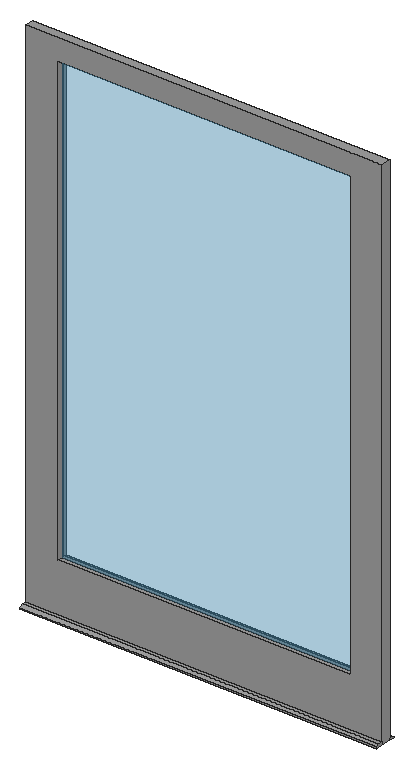
Revit family "ArmorOne-Entrance-ButtHinge-Single_Eng", category Curtain Panels, Revit 2017
Family settings
  OmniClass Number = 23.25.20.14.11.11.17
  OmniClass Title = Infill Panels
  Always vertical = Yes
  Cut with Voids When Loaded = No
  Shared = No
Parameters
  Width [instance] = 5' - 6"
  Wide Stile Entrance [instance] = not(Medium Stile Entrance)  # yes
  URL = "obe.com"
  Offset [instance] = 0' - 0"
  Model = "AO DOOR"
  Medium Stile Entrance [instance] = no
  Manufacturer = "Oldcastle BuildingEnvelope®"
  Keynote = "08 11 00"
  Height [instance] = 8' - 0"
  Glass Material = Glass
  Frame Material = Aluminum
  Door Panel Height [instance] = Height + 0' 0 17/32"  # 8' - 0 17/32"
  Description = "ArmorOne Medium/Wide Stile Entrance  - 7/16\" Infill"
  Assembly Code = "B2030"
  Analytic Construction = "<None>"
  8 Bottom Rail [instance] = yes
  10 Bottom Rail [instance] = not([8 Bottom Rail])  # no
Reference planes (in)
  plane 1 "Front": y = 0
  plane 2: z = 0
  plane 3 "Center (Left/Right)": x = 0
  plane 4 "Left": x = -33
  plane 5 "Right": x = 33
  plane 6 "Top": z = 96
Text (in)
  text "Exterior" at (-54.29358, 31.38743, 0), in view "Ref. Level"
  text "Exterior" at (480, 41.53993, 89.60405), in view "Right"
  text "Exterior" at (-240, 57.82419, 105.78864), in view "Left"
Dimensions and locks (in)
  equal spacing: plane 4 "Left", plane 3 "Center (Left/Right)", plane 5 "Right"
  "Width": plane 4 "Left" to plane 5 "Right"
  "Height": plane 6 "Top" to plane 2
  aligned and locked: level to plane 2
  aligned and locked: plane 3 "Center (Left/Right)" to nested 1
  aligned and locked: plane 1 "Front" to nested 1
Nested families (in)
  nested 1: "Single Door-Panel" at (0, -14, 0), Width <- "Width", Height <- "Door Panel Height", Medium Stile Entrance <- "Medium Stile Entrance", 8 Bottom Rail <- "8 Bottom Rail", Offset <- "Offset", Glass Material <- "Glass Material", Frame Material <- "Frame Material", type "Single Door-Panel"
    with built-in parameter 1001301 5' - 6", Wide Stile Entrance yes, Offset 0' - 0", Medium Stile Entrance no, built-in parameter 1001300 8' - 0 17/32", Glass Material Glass, Frame Material Aluminum, Edge of glass - Right 0' - 5 5/16", Edge of door panel 0' - 6 3/32", Bottom Rail 0' - 8 59/64", 8 Bottom Rail yes, 10 Bottom Rail no
Definition of nested family "Single Door-Panel"
  Parameters (values of type "Single Door-Panel")
    Width [instance] = 3' - 0"
    Wide Stile Entrance [instance] = not(Medium Stile Entrance)  # no
    URL = "obe.com"
    Offset [instance] = 0' - 5"
    Model = "MS-375 DOOR"
    Medium Stile Entrance [instance] = yes
    Manufacturer = "Oldcastle BuildingEnvelope®"
    Keynote = "08 11 00"
    Height [instance] = 7' - 0"
    Glass Material [instance] = none
    Frame Material [instance] = none
    Edge of glass - Right [instance] = 0' - 5 5/16"
    Edge of door panel [instance] = if(Medium Stile Entrance, 0' 4 27/32", if(Wide Stile Entrance, 0' 6 3/32", 0' 4 27/32"))  # 0' - 4 27/32"
    Description = "MS-375 - 1\" Door Infill"
    Bottom Rail [instance] = if([10 Bottom Rail], 0' 10 59/64", 0' 8 59/64")  # 0' - 10 59/64"
    Assembly Code = "B2030"
    Analytic Construction = "<None>"
    8 Bottom Rail [instance] = no
    10 Bottom Rail [instance] = not([8 Bottom Rail])  # yes
  Reference planes (in)
    plane 1 "00": y = 8.203
    plane 2: z = 0
    plane 3 "Center (Left/Right)": x = 0
    plane 4: z = 84
    plane 5: x = 18
    plane 6: x = -18
    plane 7 "Center (Front/Back)": y = 14
    plane 8 "Exterior": y = 8.703
    plane 9: z = 42
    plane 10: z = 80.125
    plane 11: z = 10.92187
    plane 12 "Offset": y = 9
  Forms (in)
    Sweep 1, solid, material <- "Frame Material"
      path origin (0, 8.203, 0) x (1, 0, 0) y (0, 0, 1)
        loop
          line (-17.90532, 84) -> (17.90625, 84)
      profile origin (0.00046, 8.203, 84) x (0, 0, 1) y (0, -1, 0)
        loop
          line (-0.625, -0.672) -> (-0.625, 1.078) -> (-2.62093, 1.078) -> (-4.46825, 1.078) -> (-4.46825, 0.21484) -> (-3.875, 0.21484) -> (-3.875, -0.21484) -> (-4.65625, -0.21484) -> (-4.65625, -0.672) -> (-2.62093, -0.672) -> (-0.625, -0.672)
    Sweep 2, solid, material <- "Frame Material"
      path origin (0, 8.203, 0) x (1, 0, 0) y (0, 0, 1)
        loop
          line (17.90625, 0) -> (-17.90532, 0)
      profile origin (0.00046, 8.203, 0) x (0, 0, -1) y (0, -1, 0)
        loop
          line (-11.68749, -0.21484) -> (-11.68749, -0.672) -> (-0.5, -0.672) -> (-0.5, -0.952) -> (-0.19364, -1.609) -> (-0.00001, -1.609) -> (-0.00001, 2.391) -> (-0.19364, 2.391) -> (-0.5, 1.734) -> (-0.5, 1.078) -> (-11.49949, 1.078) -> (-11.49949, 0.21484) -> (-10.92187, 0.21484) -> (-10.92187, -0.21484) -> (-11.68749, -0.21484)
    Sweep 3, solid, material <- "Frame Material"
      path origin (0, 8.203, 0) x (1, 0, 0) y (0, 0, 1)
        loop
          line (18, 83.375) -> (18, 0)
      profile origin (18, 8.203, 41.6875) x (0, -1, 0) y (1, 0, 0)
        loop
          line (-0.672, -0.09375) -> (-0.672, -2.21468) -> (-0.672, -4.84375) -> (-0.21484, -4.84375) -> (-0.21484, -4.0625) -> (0.21484, -4.0625) -> (0.21484, -4.65574) -> (1.078, -4.65574) -> (1.078, -2.21468) -> (1.078, -0.20275) -> (-0.672, -0.09375)
    Sweep 4, solid, material <- "Frame Material"
      path origin (0, 8.203, 0) x (1, 0, 0) y (0, 0, 1)
        loop
          line (-18, 83.375) -> (-18, 0)
      profile origin (-18, 8.203, 41.6875) x (0, -1, 0) y (1, 0, 0)
        loop
          line (-0.672, 0.09468) -> (1.078, 0.20368) -> (1.078, 2.31376) -> (1.078, 4.75557) -> (0.21484, 4.75557) -> (0.21484, 4.41158) -> (-0.21484, 4.41158) -> (-0.21484, 4.84375) -> (-0.672, 4.84375) -> (-0.672, 2.31376) -> (-0.672, 0.09468)
    Extrusion 5, solid, material <- "Glass Material", detail levels coarse
      sketch origin (0, 0, 0) x (1, 0, 0) y (0, 1, 0)
        loop
          line (-13.58842, 8.41784) -> (-13.58842, 7.98816) -> (13.9375, 7.98816) -> (13.9375, 8.41784) -> (-13.58842, 8.41784)
      from 10.92188 to 80.125
    Extrusion 6, solid, material <- "Glass Material", detail levels medium+fine
      sketch origin (0, 0, 0) x (1, 0, 0) y (0, 1, 0)
        loop
          line (13.9375, 8.29284) -> (13.9375, 8.41784) -> (-13.58842, 8.41784) -> (-13.58842, 8.29284) -> (13.9375, 8.29284)
        loop
          line (13.9375, 8.11316) -> (-13.58842, 8.11316) -> (-13.58842, 7.98816) -> (13.9375, 7.98816) -> (13.9375, 8.11316)
      from 10.92188 to 80.125
    Extrusion 7, void
      sketch origin (0, 0, 0) x (1, 0, 0) y (0, 1, 0)
        loop
          line (-18, 7.125) -> (-17.79632, 7.125) -> (-17.95672, 9.7002) -> (-18, 9.7002) -> (-18, 7.125)
      from 0 to 84
    Extrusion 8, void
      sketch origin (0, 0, 0) x (-1, 0, 0) y (0, -1, 0)
        loop
          line (-18, -7.125) -> (-18, -9.7002) -> (-17.95765, -9.7002) -> (-17.79725, -7.125) -> (-18, -7.125)
      from 0 to 84
  Cuts and joins
    Extrusion 7, Extrusion 8 cuts Sweep 1
    Extrusion 7, Extrusion 8 cuts Sweep 2
    joined: Sweep 1, Sweep 2, Sweep 3, Sweep 4
  Lines and regions (in)
    model lines
      curve 1: line (13.68825, 8.703, 80.125) -> (-13.6875, 8.703, 42)
      curve 2: line (-13.6875, 8.703, 42) -> (13.15625, 8.703, 11.20312)
  Dimensions and locks (in)
    "Width": plane 6 to plane 5
    "Offset": plane 12 "Offset" to plane 7 "Center (Front/Back)"
    plane 1 "00" to plane 8 "Exterior" to plane 12 "Offset" = 0' - 0 1/2" locked, 0' - 0.297" locked
    equal spacing: level, plane 9, plane 4
    locked: Sweep 2 sketch curve to plane 6 at 0.09468
    locked: plane 5 to Sweep 2 sketch curve at 0.09375
    locked: Sweep 3 sketch curve to plane 4 at 0.625
    locked: Sweep 4 sketch curve to plane 4 at 0.625
    locked: Sweep 1 sketch curve to plane 6 at 0.09468
    locked: plane 5 to Sweep 1 sketch curve at 0.09375
    Extrusion 5 sketch curve to plane 1 "00" to Extrusion 5 sketch curve = 0' - 0 55/256" locked, 0' - 0 55/256" locked
    locked: plane 10 to plane 4 at 3.875
    "Bottom Rail": plane 11 to plane 2
    "Height": plane 4 to plane 2
    locked: Sweep 1 sketch curve to plane 10 at 0.59325
    locked: Sweep 1 sketch curve to plane 10 at 0.78125
    locked: plane 11 to Sweep 2 sketch curve at 0.57761
    locked: plane 11 to Sweep 2 sketch curve at 0.76561
    equal spacing: plane 6, plane 3 "Center (Left/Right)", plane 5
    Extrusion 6 sketch curve to Extrusion 6 sketch curve to plane 1 "00" to Extrusion 6 sketch curve to Extrusion 6 sketch curve = 0' - 0 1/8" locked, 0' - 0 23/256" locked, 0' - 0 23/256" locked, 0' - 0 1/8" locked
    "Edge of door panel": Sweep 3 sketch curve to plane 5
    locked: Sweep 3 sketch curve to Sweep 3 sketch curve at 0.18801
    "Edge of door panel": plane 6 to Sweep 4 sketch curve
    locked: Sweep 4 sketch curve to Sweep 4 sketch curve at 0.08818
    plane 6 to Extrusion 7 sketch curve to Extrusion 7 sketch curve = 0' - 0.04328" locked, 0' - 0.1604" locked
    Extrusion 8 sketch curve to Extrusion 8 sketch curve to plane 5 = 0' - 0.1604" locked, 0' - 0.04235" locked
    locked: plane 4 to Sweep 1 sketch curve at 0.625
    plane 6 to cut or joined group of Sweep 1, Sweep 2, Sweep 3, Sweep 4, Extrusion 7, Extrusion 8 = 0' - 4.41158"
    aligned and locked: plane 2 to level
    aligned and locked: plane 1 "00" to nested 1
    aligned and locked: plane 3 "Center (Left/Right)" to nested 1
    aligned and locked: Sweep 1 sketch curve to plane 4
    aligned and locked: level to nested 2
    aligned and locked: nested 2 to plane 1 "00"
    aligned and locked: plane 5 to Sweep 3 sketch curve
    aligned and locked: level to Sweep 3 sketch curve
    aligned and locked: plane 6 to Sweep 4 sketch curve
    aligned and locked: level to Sweep 4 sketch curve
    aligned and locked: plane 11 to Extrusion 6
    aligned and locked: plane 11 to Extrusion 5
    aligned and locked: plane 9 to curve 1
    aligned and locked: plane 1 "00" to nested 3
    aligned and locked: plane 3 "Center (Left/Right)" to nested 3
    aligned and locked: Extrusion 6 to plane 10
    aligned and locked: Extrusion 5 to plane 10
    aligned and locked: Sweep 2 sketch curve to Sweep 4
    aligned and locked: plane 6 to Extrusion 7 sketch curve
    aligned and locked: Extrusion 7 to level
    aligned and locked: plane 4 to Extrusion 7
    aligned and locked: plane 5 to Extrusion 8 sketch curve
    aligned and locked: Extrusion 8 to level
    aligned and locked: plane 4 to Extrusion 8
    aligned and locked: cut or joined group of Sweep 1, Sweep 2, Sweep 3, Sweep 4, Extrusion 7, Extrusion 8 to Extrusion 6 sketch curve
    aligned and locked: Extrusion 6 sketch curve to cut or joined group of Sweep 1, Sweep 2, Sweep 3, Sweep 4, Extrusion 7, Extrusion 8  (x3)
    aligned and locked: Extrusion 5 sketch curve to cut or joined group of Sweep 1, Sweep 2, Sweep 3, Sweep 4, Extrusion 7, Extrusion 8  (x2)
  Automatic sketch dimensions
    Sweep 1 sketch curve to plane 1 "00" = 0' - 0 55/256"
    Sweep 1 sketch curve to Sweep 1 sketch curve = 0' - 0.59325"
    Sweep 1 sketch curve to Sweep 1 sketch curve = 0' - 1.25407"  (x2)
    Sweep 1 sketch curve to plane 1 "00" = 0' - 0.672"
    plane 1 "00" to Sweep 1 sketch curve = 0' - 0 55/256"
    Sweep 1 sketch curve to Sweep 1 sketch curve = 0' - 0.86316"
    plane 1 "00" to Sweep 2 sketch curve = 0' - 0 55/256"
    Sweep 2 sketch curve to Sweep 2 sketch curve = 0' - 0.57761"
    profile plane to Sweep 2 sketch curve = 0' - 0 1/2"  (x2)
    profile plane to Sweep 2 sketch curve = 0' - 0.19364"  (x2)
    profile plane to Sweep 2 sketch curve = 0' - 0"
    Sweep 2 sketch curve to plane 1 "00" = 0' - 0 55/256"
    Sweep 2 sketch curve to Sweep 2 sketch curve = 0' - 0.45715"
    Sweep 2 sketch curve to Sweep 2 sketch curve = 0' - 0.28"
    Sweep 2 sketch curve to Sweep 2 sketch curve = 0' - 0.657"  (x2)
    Sweep 2 sketch curve to Sweep 2 sketch curve = 0' - 0.86316"
    Sweep 2 sketch curve to Sweep 2 sketch curve = 0' - 0.656"
    curve 1 to plane 10 = 0' - 0"
    plane 6 to curve 1 = 0' - 4 5/16"
    curve 2 to plane 11 = 0' - 0 9/32"
    curve 2 to plane 5 = 0' - 4 27/32"
    curve 1 to plane 5 = 0' - 4.31175"
    plane 1 "00" to Extrusion 7 sketch curve = 0' - 1.078"
    Extrusion 7 sketch curve to plane 12 "Offset" = 0' - 0.7002"
    Extrusion 8 sketch curve to plane 1 "00" = 0' - 1.078"
    plane 12 "Offset" to Extrusion 8 sketch curve = 0' - 0.7002"
    profile plane to Sweep 3 sketch curve = 0' - 0 3/32"
    Sweep 3 sketch curve to plane 1 "00" = 0' - 0.672"
    Sweep 3 sketch curve to plane 1 "00" = 0' - 0 55/256"
    plane 1 "00" to Sweep 3 sketch curve = 0' - 0 55/256"
    profile plane to Sweep 3 sketch curve = 0' - 0.20275"
    plane 1 "00" to Sweep 3 sketch curve = 0' - 1.078"
    Sweep 3 sketch curve to Sweep 3 sketch curve = 0' - 0.59323"
    Sweep 3 sketch curve to Sweep 3 sketch curve = 0' - 1.84782"
    Sweep 3 sketch curve to Sweep 3 sketch curve = 0' - 0"
    Sweep 4 sketch curve to plane 1 "00" = 0' - 0.672"
    Sweep 4 sketch curve to plane 1 "00" = 0' - 0 55/256"
    plane 1 "00" to Sweep 4 sketch curve = 0' - 0 55/256"
    plane 1 "00" to Sweep 4 sketch curve = 0' - 1.078"
    Sweep 4 sketch curve to Sweep 4 sketch curve = 0' - 0.43217"
    Sweep 4 sketch curve to Sweep 4 sketch curve = 0' - 2.09782"
    Sweep 4 sketch curve to Sweep 4 sketch curve = 0' - 0"
    Sweep 4 sketch curve to profile plane = 0' - 0.20368"
    Sweep 4 sketch curve to profile plane = 0' - 0.09468"
  Nested families (in)
    nested 1: "M Stile-Single Door-Plan View" at (0, 8.203, 0), Width <- "Width", visible <- "Medium Stile Entrance", type "M Stile-Single Door-Plan View"
      with Width 3' - 0"
    nested 2: "Door Section" at (0, 8.203, 0) x (0, -1, 0) z (1, 0, 0), Height <- "Height", 8 Bottom Rail <- "8 Bottom Rail", type "Door Section"
      with Height 7' - 0", Bottom Rail 0' - 10 59/64", 8 Bottom Rail no, 10 Bottom Rail yes
    nested 3: "W Stile-Single Door-Plan View" at (0, 8.203, 0), Width <- "Width", visible <- "Wide Stile Entrance", type "W Stile-Single Door-Plan View"
      with Width 3' - 0"
  Definition of nested family "M Stile-Single Door-Plan View"
    Parameters (values of type "M Stile-Single Door-Plan View")
      Width [instance] = 3' - 0"
    Reference planes (in)
      plane 1 "Center (Front/Back)": y = 0
      plane 2: z = 0
      plane 3 "Center (Left/Right)": x = 0
      plane 4: x = -18
      plane 5: x = 18
      plane 6: x = 17.23425
      plane 7: y = 36
    Lines and regions (in)
      Filled region 1, type "Solid Fill - Black", in view "Ref. Level", detail levels fine
        outline origin (0, 0, 0) x (1, 0, 0) y (0, 1, 0)
          loop
            line (17.14425, 31.92955) -> (17.14425, 4.64075) -> (17.32425, 4.64075) -> (17.32425, 31.92955) -> (17.14425, 31.92955)
      detail lines, in view "Ref. Level", not visible
        curve 1: line (-12.68675, 0.215, 0) -> (13.23738, 0.215, 0)
        curve 2: line (13.23738, 0.09, 0) -> (-12.68675, 0.09, 0)
        curve 3: line (-12.68675, -0.09, 0) -> (13.23738, -0.09, 0)
        curve 4: line (13.23738, -0.215, 0) -> (-12.68675, -0.215, 0)
      detail lines, in view "Ref. Level"
        curve 5: line (17.01925, 31.92955, 0) -> (17.01925, 4.64075, 0)
        curve 8: line (17.44925, 31.92955, 0) -> (17.44925, 4.64075, 0)
        curve 9: arc (-17.90828, 0.55394, 0) -> (-7.46565, 25.5841, 0) -> (17.6174, 35.89905, 0) r 35.43551
      detail lines, in view "Ref. Level", detail levels medium+fine
        curve 6: line (17.14425, 31.92955, 0) -> (17.14425, 4.64075, 0)
        curve 7: line (17.32425, 31.92955, 0) -> (17.32425, 4.64075, 0)
    Dimensions and locks (in)
      "Width": plane 4 to plane 5
      equal spacing: plane 4, plane 3 "Center (Left/Right)", plane 5
      locked: plane 5 to plane 6 at 0.76575
      "Width": plane 7 to plane 1 "Center (Front/Back)"
      locked: plane 5 to nested 2 at 2.25
      locked: nested 1 to plane 7 at 2.24205
      locked: nested 3 to plane 4 at 2.24925
      locked: nested 4 to plane 1 "Center (Front/Back)" at 1.67175
      aligned and locked: nested 1 to plane 6
      aligned and locked: nested 3 to plane 1 "Center (Front/Back)"
      aligned and locked: plane 1 "Center (Front/Back)" to nested 2
      aligned and locked: plane 6 to nested 4
      aligned and locked: curve 8 to nested 4
      aligned and locked: curve 6 to nested 1
      aligned and locked: curve 5 to nested 4
      aligned and locked: curve 5 to Filled region 1
      aligned and locked: Filled region 1 to curve 7
    Automatic sketch dimensions
      plane 6 to Filled region 1 sketch curve = 0' - 0.09"
      Filled region 1 sketch curve to plane 6 = 0' - 0.09"
      Filled region 1 sketch curve to plane 1 "Center (Front/Back)" = 0' - 4.64075"
      Filled region 1 sketch curve to plane 7 = 0' - 4.07045"
      curve 9 to plane 6 = 0' - 0.29286"
      curve 9 to plane 1 "Center (Front/Back)" = 0' - 0.46365"
      curve 2 to plane 1 "Center (Front/Back)" = 0' - 0.09"
      plane 6 to curve 2 = 0' - 3.99687"
      plane 1 "Center (Front/Back)" to curve 3 = 0' - 0.09"
      curve 3 to curve 2 = 0' - 0"
      curve 1 to curve 2 = 0' - 0"  (x2)
      curve 4 to curve 3 = 0' - 0"  (x2)
      plane 4 to curve 3 = 0' - 5.31325"
      curve 2 to curve 3 = 0' - 0"
      plane 4 to curve 9 = 0' - 0.09172"
      curve 7 to plane 6 = 0' - 0.09"
      curve 9 to plane 7 = 0' - 0.10095"
      curve 9 to plane 5 = 0' - 0.3826"
      curve 2 to curve 1 = 0' - 0 1/8"
      curve 4 to curve 3 = 0' - 0 1/8"
      curve 5 to curve 6 = 0' - 0"  (x2)
      curve 6 to curve 8 = 0' - 0"
      curve 7 to curve 8 = 0' - 0"  (x2)
      curve 6 to curve 7 = 0' - 0"
    Nested families (in)
      nested 1: "STILE-DI" at (17.23425, 38.24205, 0) x (0, 1, 0) z (0, 0, 1), type "STILE-DI", in view "Ref. Level"
      nested 2: "STILE-DI" at (20.25, 0, 0), type "STILE-DI", in view "Ref. Level", not visible
      nested 3: "STILE-DI" at (-20.24925, 0, 0) x (-1, 0, 0) z (0, 0, 1), type "STILE-DI", in view "Ref. Level", not visible
      nested 4: "STILE-DI" at (17.23425, -1.67175, 0) x (0, -1, 0) z (0, 0, 1), type "STILE-DI", in view "Ref. Level"
    Definition of nested family "STILE-DI"
      Reference planes (in)
        plane 1 "Center (Front/Back)": y = 0
        plane 2: z = 0
        plane 3 "Center (Left/Right)": x = 0
  Definition of nested family "Door Section"
    Parameters (values of type "Door Section")
      Height [instance] = 4' - 0"
      Bottom Rail [instance] = if([10 Bottom Rail], 0' 10 59/64", 0' 8 59/64")  # 0' - 10 59/64"
      8 Bottom Rail [instance] = no
      10 Bottom Rail [instance] = not([8 Bottom Rail])  # yes
    Reference planes (in)
      plane 1 "Center (Front/Back)": y = 0
      plane 2: z = 0
      plane 3 "Center (Left/Right)": x = 0
      plane 4: y = 44.125
      plane 5: y = 48
      plane 6: y = 10.92188
    Lines and regions (in)
      Filled region 1, type "Solid Fill - Black", in view "Ref. Level", detail levels fine
        outline origin (0, 0, 0) x (1, 0, 0) y (0, 1, 0)
          loop
            line (-0.09, 44.125) -> (-0.09, 10.92188) -> (0.09, 10.92188) -> (0.09, 44.125) -> (-0.09, 44.125)
      detail lines, in view "Ref. Level"
        curve 1: line (-0.215, 44.125, 0) -> (-0.215, 10.92188, 0)
        curve 4: line (0.215, 44.125, 0) -> (0.215, 10.92188, 0)
      detail lines, in view "Ref. Level", detail levels medium+fine
        curve 2: line (-0.09, 44.125, 0) -> (-0.09, 10.92188, 0)
        curve 3: line (0.09, 44.125, 0) -> (0.09, 10.92188, 0)
    Dimensions and locks (in)
      nested 1 to plane 5 to plane 4 = 0' - 2 31/32" locked, 0' - 3 7/8" locked
      "Bottom Rail": plane 1 "Center (Front/Back)" to plane 6
      "Height": plane 1 "Center (Front/Back)" to plane 5
      plane 1 "Center (Front/Back)" to nested 2 to nested 3 = 0' - 8.92224" locked, 0' - 2" locked
      aligned and locked: plane 3 "Center (Left/Right)" to nested 1
      aligned and locked: plane 3 "Center (Left/Right)" to nested 2
      aligned and locked: plane 3 "Center (Left/Right)" to nested 3
      aligned and locked: plane 4 to curve 1
      aligned and locked: plane 4 to curve 2
      aligned and locked: plane 4 to curve 3
      aligned and locked: plane 4 to curve 4
      aligned and locked: plane 6 to curve 1
      aligned and locked: plane 6 to curve 2
      aligned and locked: plane 6 to curve 3
      aligned and locked: plane 6 to curve 4
      aligned and locked: Filled region 1 sketch curve to curve 2
      aligned and locked: curve 3 to Filled region 1 sketch curve
      aligned and locked: Filled region 1 sketch curve to plane 6
      aligned and locked: Filled region 1 sketch curve to plane 4
    Automatic sketch dimensions
      curve 1 to plane 3 "Center (Left/Right)" = 0' - 0.215"
      plane 3 "Center (Left/Right)" to curve 3 = 0' - 0.09"
      curve 1 to curve 2 = 0' - 0 1/8"
      curve 3 to curve 4 = 0' - 0 1/8"
    Nested families (in)
      nested 1: "TOP RAIL-DI" at (0, 50.96875, 0), type "TOP RAIL-DI", in view "Ref. Level"
      nested 2: "BOT RAIL-8-DI" at (0, 8.92224, 0), visible <- "8 Bottom Rail", type "BOT RAIL-8-DI", in view "Ref. Level"
      nested 3: "BOT RAIL-10-DI" at (0, 10.92224, 0), visible <- "10 Bottom Rail", type "BOT RAIL-10-DI", in view "Ref. Level"
    Definition of nested family "TOP RAIL-DI"
      Reference planes (in)
        plane 1 "Center (Front/Back)": y = 0
        plane 2: z = 0
        plane 3 "Center (Left/Right)": x = 0
    Definition of nested family "BOT RAIL-8-DI"
      Reference planes (in)
        plane 1 "Center (Front/Back)": y = 0
        plane 2: z = 0
        plane 3 "Center (Left/Right)": x = 0
    Definition of nested family "BOT RAIL-10-DI"
      Reference planes (in)
        plane 1 "Center (Front/Back)": y = 0
        plane 2: z = 0
        plane 3 "Center (Left/Right)": x = 0
  Definition of nested family "W Stile-Single Door-Plan View"
    Parameters (values of type "W Stile-Single Door-Plan View")
      Width [instance] = 4' - 0"
    Reference planes (in)
      plane 1 "Center (Front/Back)": y = 0
      plane 2: z = 0
      plane 3 "Center (Left/Right)": x = 0
      plane 4: x = -24
      plane 5: x = 24
      plane 6: x = 23.23425
      plane 7: y = 48
    Lines and regions (in)
      Filled region 1, type "Solid Fill - Black", in view "Ref. Level", detail levels fine
        outline origin (0, 0, 0) x (1, 0, 0) y (0, 1, 0)
          loop
            line (23.14425, 42.67955) -> (23.14425, 5.89075) -> (23.32425, 5.89075) -> (23.32425, 42.67955) -> (23.14425, 42.67955)
      detail lines, in view "Ref. Level", not visible
        curve 1: line (-18.68675, 0.215, 0) -> (19.23738, 0.215, 0)
        curve 2: line (19.23738, 0.09, 0) -> (-18.68675, 0.09, 0)
        curve 3: line (-18.68675, -0.09, 0) -> (19.23738, -0.09, 0)
        curve 4: line (19.23738, -0.215, 0) -> (-18.68675, -0.215, 0)
      detail lines, in view "Ref. Level"
        curve 5: line (23.01925, 42.67955, 0) -> (23.01925, 5.89075, 0)
        curve 8: line (23.44925, 42.67955, 0) -> (23.44925, 5.89075, 0)
        curve 9: arc (-23.90828, 0.55394, 0) -> (-9.95093, 34.06939, 0) -> (23.6174, 47.89905, 0) r 47.43548
      detail lines, in view "Ref. Level", detail levels medium+fine
        curve 6: line (23.14425, 42.67955, 0) -> (23.14425, 6.56227, 0)
        curve 7: line (23.32425, 42.67955, 0) -> (23.32425, 5.89075, 0)
    Dimensions and locks (in)
      "Width": plane 4 to plane 5
      equal spacing: plane 4, plane 3 "Center (Left/Right)", plane 5
      locked: plane 5 to plane 6 at 0.76575
      "Width": plane 7 to plane 1 "Center (Front/Back)"
      locked: plane 5 to nested 2 at 2.25
      locked: nested 1 to plane 7 at 2.24205
      locked: nested 3 to plane 4 at 2.24925
      locked: nested 4 to plane 1 "Center (Front/Back)" at 1.67175
      aligned and locked: nested 1 to plane 6
      aligned and locked: nested 3 to plane 1 "Center (Front/Back)"
      aligned and locked: plane 1 "Center (Front/Back)" to nested 2
      aligned and locked: Filled region 1 to curve 5
      aligned and locked: curve 7 to Filled region 1
      aligned and locked: plane 6 to nested 4
      aligned and locked: curve 8 to nested 4
      aligned and locked: curve 5 to nested 4
      aligned and locked: curve 5 to Filled region 1
      aligned and locked: curve 6 to nested 1
    Automatic sketch dimensions
      plane 6 to Filled region 1 sketch curve = 0' - 0.09"
      Filled region 1 sketch curve to plane 6 = 0' - 0.09"
      Filled region 1 sketch curve to plane 1 "Center (Front/Back)" = 0' - 5.89075"
      Filled region 1 sketch curve to plane 7 = 0' - 5.32045"
      curve 9 to plane 6 = 0' - 0.29286"
      curve 9 to plane 1 "Center (Front/Back)" = 0' - 0.46365"
      curve 2 to plane 1 "Center (Front/Back)" = 0' - 0.09"
      plane 6 to curve 2 = 0' - 3.99687"
      plane 1 "Center (Front/Back)" to curve 3 = 0' - 0.09"
      curve 3 to curve 2 = 0' - 0"
      curve 1 to curve 2 = 0' - 0"  (x2)
      curve 4 to curve 3 = 0' - 0"  (x2)
      plane 4 to curve 3 = 0' - 5.31325"
      curve 2 to curve 3 = 0' - 0"
      plane 4 to curve 9 = 0' - 0.09172"
      curve 9 to plane 7 = 0' - 0.10095"
      curve 9 to plane 5 = 0' - 0.3826"
      curve 5 to curve 6 = 0' - 0"
      curve 6 to curve 8 = 0' - 0"
      curve 7 to curve 6 = 0' - 0.67152"
      curve 7 to curve 8 = 0' - 0"
      curve 5 to curve 7 = 0' - 0"
      curve 2 to curve 1 = 0' - 0 1/8"
      curve 4 to curve 3 = 0' - 0 1/8"
      curve 6 to curve 7 = 0' - 0"
    Nested families (in)
      nested 1: "STILE-DI" at (23.23425, 50.24205, 0) x (0, 1, 0) z (0, 0, 1), type "STILE-DI", in view "Ref. Level"
      nested 2: "STILE-DI" at (26.25, 0, 0), type "STILE-DI", in view "Ref. Level", not visible
      nested 3: "STILE-DI" at (-26.24925, 0, 0) x (-1, 0, 0) z (0, 0, 1), type "STILE-DI", in view "Ref. Level", not visible
      nested 4: "STILE-DI" at (23.23425, -1.67175, 0) x (0, -1, 0) z (0, 0, 1), type "STILE-DI", in view "Ref. Level"
    Definition of nested family "STILE-DI"
      Reference planes (in)
        plane 1 "Center (Front/Back)": y = 0
        plane 2: z = 0
        plane 3 "Center (Left/Right)": x = 0
